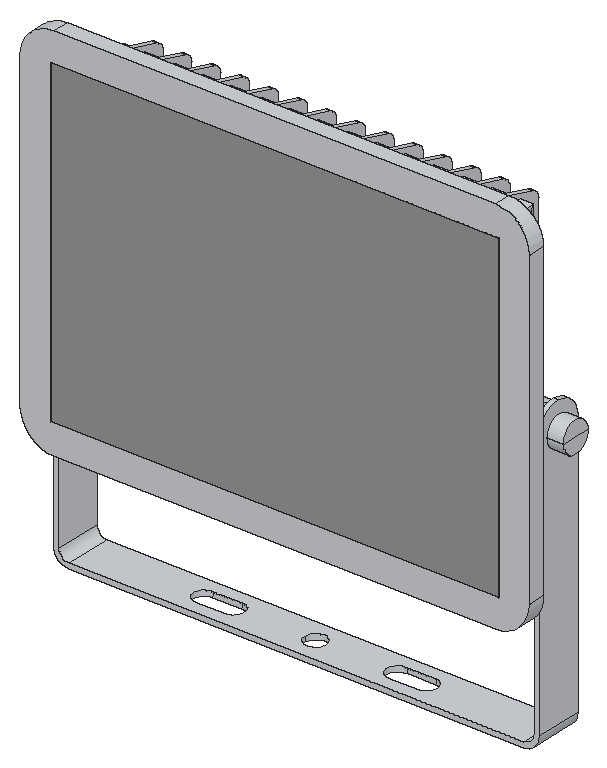
Revit family "0050115", category Lighting Fixtures, Revit 2017
Family settings
  Round Connector Dimension = Use Diameter
  Part Type = Normal
  OmniClass Number = 23.80.70.00
  OmniClass Title = Lighting
  Work Plane-Based = No
  Always vertical = Yes
  Cut with Voids When Loaded = No
  Light Source = Yes
  Shared = No
  Room Calculation Point = No
Parameters (values of type "0050115 ST FLD FLT IP65 2850LM 830 WH")
  Weight = "3.06 kg"
  Wattage = 27 W
  WarrantyStartDate [instance] = "n/a"
  WarrantyGuarantorParts = "n/a"
  WarrantyDurationUnit = "n/a"
  WarrantyDurationParts = "n/a"
  WarrantyDescription = "n/a"
  built-in parameter 1150110 = 1 (stored number, unit not read)
  Voltage = 0 V
  URL = "http://www.sylvania-lighting.com"
  TypeName = "Start Flood Flat IP65 2850LM 830 White"
  built-in parameter 1114217 = 1 (stored number, unit not read)
  Tilt Angle = 0.00°
  built-in parameter 1150109 = 1 (stored number, unit not read)
  built-in parameter 1150134 = (empty or 0)
  built-in parameter 1150113 = 1 (stored number, unit not read)
  SerialNumber [instance] = "n/a"
  PowerFactor = 0.9
  PowerConsumption = "27 W"
  Photometric Web File = "0050115.ies"
  NominalWidth = 0 mm
  NominalLength = 133 mm
  NominalHeight = 28 mm
  Name = "Start Flood Flat IP65 2850LM 830 White"
  ModelReference = "Start Flood Flat IP65 2850LM 830 White"
  ModelNumber = "0050115"
  Model = "Start Flood Flat IP65 2850LM 830 White"
  Material_4_FEILO = none
  Material_3_FEILO = none
  Material_2_FEILO = Default New Material
  Material_1_FEILO = none
  Material = "n/a"
  ManufacturerName = "Feilo Sylvania"
  Manufacturer = "Feilo Sylvania"
  LuminousEfficacy = "106 lm/W"
  Lumens = 2862 lm
  LuminaireType = ""
  built-in parameter 1150115 = 1 (stored number, unit not read)
  built-in parameter 1150105 = -3030228.4 (stored number, unit not read)
  LightOutputRatio = "n/a"
  built-in parameter 1150137 = (empty or 0)
  built-in parameter 1150139 = (empty or 0)
  LampsType = "LED"
  LampNominalLuminous = "2850 lm"
  LampMacAdamStep = "5"
  LampColourTemperature = "3000 K"
  LampColourRenderingIndex = "80"
  built-in parameter 1150112 = 1 (stored number, unit not read)
  built-in parameter 1150114 = 1 (stored number, unit not read)
  Lamp = "LED"
  LUM_WIDTH_SYL = 75 mm  # constant formula
  LUM_HEIGHT_SYL = 56 mm  # constant formula
  LUM_EXTR_ST_SYL = -5 mm
  LUM_EXTR_END_SYL = 0 mm
  LUM_DEPTH_SYL = 28 mm
  Keynote = "16500"
  InstallationDate [instance] = "n/a"
  InputVoltage = "n/a"
  InputNominalFrequency = "n/a"
  built-in parameter 1150132 = 2
  built-in parameter 1150102 = (empty or 0)
  built-in parameter 1150138 = (empty or 0)
  built-in parameter 1150107 = 3000 (stored number, unit not read)
  IngressProtection = "IP65"
  ImpactProtectionIndex = "IK06"
  built-in parameter 1150106 = -30302.3 (stored number, unit not read)
  IfcExportType = "IfcLightFixtureType"
  IfcExportAs = "IfcLightFixtureType"
  ElectricShockClassification = "Class I"
  built-in parameter 1150104 = 9.8477 (stored number, unit not read)
  DocumentationLiterature = "http://www.sylvania-lighting.com/product/en-int/products/0050115"
  DimmingControlOptions = "n/a"
  Dimming Lamp Color Temperature Shift = <None>
  DIF_WIDTH_SYL = 66 mm  # constant formula
  DIF_HEIGHT_SYL = 47.5 mm  # constant formula
  CreatedOn = "12/2/2020"
  CreatedBy = "@sylvania-lighting.com"
  Color Filter = 16777215
  ClassificationValue = "EF_70_80"
  ClassificationName = "Uniclass2015"
  CABLE_SIDE_DIST_SYL = 44 mm
  CABLE_LENGTH_SYL = 5 mm
  CABLE_FRONT_DIST_SYL = 17.5 mm
  CABLES_DIST_SYL = 56 mm
  BarCode [instance] = "n/a"
  built-in parameter 1114218 = 1 (stored number, unit not read)
  B_RAIL_R_DIST_SYL = 7 mm
  B_RAIL_HEIGHT_SYL = 27 mm
  B_RAIL_DEPTH_SYL = 44 mm
  B_RAIL_CHAMFER_SYL = 7 mm
  BRACKET_HOLDER_WIDTH_SYL = 12 mm
  BRACKET_HOLDER_HEIGHT_SYL = 17 mm
  BRACKET_HOLDER_DIST_SIDE_SYL = 2.8 mm
  BRACKET_HOLDER_DIST_BOTT_SYL = 42 mm
  BRACKET_HOLDER_DEPTH_SYL = 5.7 mm
  BOX_WIDTH_SYL = 60.5 mm
  BOX_TOP_DIST_SYL = 10.5 mm
  BOX_DEPTH_SYL = 14 mm
  BOX_BOTT_DIST_SYL = 28 mm
  BACK_RAIL_WIDTH_SYL = 1.4 mm
  BACK_RAIL_SIDE_DIST_SYL = 19 mm
  BACK_PL_EXTR_ST_SYL = -6 mm
  BACK_PL_EXTR_ST(-1)_SYL = BACK_PL_EXTR_ST_SYL * (-1)  # 6 mm
  BACK_PL_EXTR_END_SYL = -3 mm
  BACK_PL_EXTR_END(-1)_SYL = BACK_PL_EXTR_END_SYL * (-1)  # 3 mm
  built-in parameter 1150133 = 10 (stored number, unit not read)
  AssetType = "Fixed"
  AssetIdentifier [instance] = "n/a"
  Assembly Code = "D5020200"
  Apparent Load = 27 VA
  0_18W_SYL = yes
Types (5, lengths in mm): name | TypeName | built-in parameter 1150134 | Photometric Web File | Name | ModelReference | ModelNumber | Model | LuminousEfficacy | Lumens | built-in parameter 1150105 | LampNominalLuminous | LampColourTemperature | built-in parameter 1150107 | built-in parameter 1150106 | built-in parameter 1150104 | DocumentationLiterature
  0050153 ST FLD FLT IP65 3000LM 865 BK | "Start Flood Flat IP65 3000LM 865 Black" | 1 | "0050153.ies" | "Start Flood Flat IP65 3000LM 865 Black" | "Start Flood Flat IP65 3000LM 865 Black" | "0050153" | "Start Flood Flat IP65 3000LM 865 Black" | "111 lm/W" | 2997 lm | -3340156.5 (stored number, unit not read) | "3000 lm" | "6500 K" | 6500 (stored number, unit not read) | -33401.6 (stored number, unit not read) | 10.312 (stored number, unit not read) | "http://www.sylvania-lighting.com/product/en-int/products/0050153"
  0050116 ST FLD FLT IP65 3000LM 840 WH | "Start Flood Flat IP65 3000LM 840 White" | 12 | "0050116.ies" | "Start Flood Flat IP65 3000LM 840 White" | "Start Flood Flat IP65 3000LM 840 White" | "0050116" | "Start Flood Flat IP65 3000LM 840 White" | "111 lm/W" | 2997 lm | -3340156.5 (stored number, unit not read) | "3000 lm" | "4000 K" | 4000 (stored number, unit not read) | -33401.6 (stored number, unit not read) | 10.312 (stored number, unit not read) | "http://www.sylvania-lighting.com/product/en-int/products/0050116"
  0050115 ST FLD FLT IP65 2850LM 830 WH | "Start Flood Flat IP65 2850LM 830 White" | (empty or 0) | "0050115.ies" | "Start Flood Flat IP65 2850LM 830 White" | "Start Flood Flat IP65 2850LM 830 White" | "0050115" | "Start Flood Flat IP65 2850LM 830 White" | "106 lm/W" | 2862 lm | -3030228.4 (stored number, unit not read) | "2850 lm" | "3000 K" | 3000 (stored number, unit not read) | -30302.3 (stored number, unit not read) | 9.8477 (stored number, unit not read) | "http://www.sylvania-lighting.com/product/en-int/products/0050115"
  0050114 ST FLD FLT IP65 3000LM 840 BK | "Start Flood Flat IP65 3000LM 840 Black" | 12 | "0050114.ies" | "Start Flood Flat IP65 3000LM 840 Black" | "Start Flood Flat IP65 3000LM 840 Black" | "0050114" | "Start Flood Flat IP65 3000LM 840 Black" | "111 lm/W" | 2997 lm | -3340156.5 (stored number, unit not read) | "3000 lm" | "4000 K" | 4000 (stored number, unit not read) | -33401.6 (stored number, unit not read) | 10.312 (stored number, unit not read) | "http://www.sylvania-lighting.com/product/en-int/products/0050114"
  0050113 ST FLD FLT IP65 2850LM 830 BK | "Start Flood Flat IP65 2850LM 830 Black" | (empty or 0) | "0050113.ies" | "Start Flood Flat IP65 2850LM 830 Black" | "Start Flood Flat IP65 2850LM 830 Black" | "0050113" | "Start Flood Flat IP65 2850LM 830 Black" | "106 lm/W" | 2862 lm | -3030228.4 (stored number, unit not read) | "2850 lm" | "3000 K" | 3000 (stored number, unit not read) | -30302.3 (stored number, unit not read) | 9.8477 (stored number, unit not read) | "http://www.sylvania-lighting.com/product/en-int/products/0050113"
Reference planes
  plane 1 "Light Source Axis (F/B)": y = 0
  plane 2: z = 0
  plane 3 "Light Source Axis (L/R)": x = 0
  plane 4 "Light Source Elevation": z = -0.469
  plane 5: x = 75
  plane 6: x = -75
  plane 7: z = 56
  plane 8: z = -56
  plane 9: x = 66
  plane 10: x = -66
  plane 11: z = 47.5
  plane 12: z = -47.5
  plane 13: y = 6
  plane 14: y = 3
  plane 15: x = -60.5
  plane 16: x = 60.5
  plane 17: y = 20
  plane 18: z = 45.5
  plane 19: z = -28
  plane 20: y = 28
  plane 21: z = -14
  plane 22: z = -2
  plane 23: y = 21
  plane 24: x = 54.2
  plane 25: x = 39.5
  plane 26: x = 31
  plane 27: x = -25
  plane 28: y = 14
  plane 29: z = -38
  plane 30: y = 27
  plane 31: z = 16
  plane 32: z = 9
  plane 33: x = 56
  plane 34: x = 54.6
  plane 35: x = 47.6
  plane 36: x = 20.8
  plane 37: x = 13.8
  plane 38: x = 12.4
  plane 39: x = 5.4
  plane 40: x = 4
  plane 41: z = -50.4
  plane 42: x = 64
  plane 43: x = 70
  plane 44: z = -59.1
Forms (mm)
  Extrusion 1, solid
    sketch origin (0, 0, 0) x (1, 0, 0) y (0, 0, 1)
      loop
        arc (-65, 56) -> (-72.071, 53.071) -> (-75, 46) r 10
        line (-75, 46) -> (-75, -46)
        arc (-75, -46) -> (-72.071, -53.071) -> (-65, -56) r 10
        line (-65, -56) -> (65, -56)
        arc (65, -56) -> (72.071, -53.071) -> (75, -46) r 10
        line (75, -46) -> (75, 46)
        arc (75, 46) -> (72.071, 53.071) -> (65, 56) r 10
        line (65, 56) -> (-65, 56)
      loop
        line (-66, 47.5) -> (-66, -47.5) -> (66, -47.5) -> (66, 47.5) -> (-66, 47.5)
    from -5 <- "LUM_EXTR_ST_SYL" to 0 <- "LUM_EXTR_END_SYL"
  Extrusion 2, solid, material "Default New Material" <- "Material_2_FEILO"
    sketch origin (0, 0, 0) x (1, 0, 0) y (0, 0, 1)
      loop
        line (-66, 47.5) -> (-66, -47.5) -> (66, -47.5) -> (66, 47.5) -> (-66, 47.5)
    from -3 <- "BACK_PL_EXTR_END_SYL" to 0 <- "LUM_EXTR_END_SYL"
  Extrusion 3, solid
    sketch origin (0, 0, 0) x (1, 0, 0) y (0, 0, 1)
      loop
        line (66, 47.5) -> (-66, 47.5) -> (-66, -47.5) -> (66, -47.5) -> (66, 47.5)
    from -6 <- "BACK_PL_EXTR_ST_SYL" to -3 <- "BACK_PL_EXTR_END_SYL"
  Extrusion 4, solid
    sketch origin (0, 0, 0) x (1, 0, 0) y (0, 1, 0)
      loop
        arc (-59.5, 20) -> (-60.207, 19.707) -> (-60.5, 19) r 1
        line (-60.5, 19) -> (-60.5, 6) -> (60.5, 6) -> (60.5, 19)
        arc (60.5, 19) -> (60.207, 19.707) -> (59.5, 20) r 1
        line (59.5, 20) -> (-59.5, 20)
    from -28 to 45.5
  Extrusion 5, solid
    sketch origin (0, 0, 0) x (1, 0, 0) y (0, 1, 0)
      loop
        arc (-52.5, 28) -> (-58.157, 25.657) -> (-60.5, 20) r 8
        line (-60.5, 20) -> (-60.5, 6) -> (60.5, 6) -> (60.5, 20)
        arc (60.5, 20) -> (58.157, 25.657) -> (52.5, 28) r 8
        line (52.5, 28) -> (-52.5, 28)
    from -47.5 to -28
  Extrusion 6, solid
    sketch origin (0, 0, 0) x (0, 1, 0) y (0, 0, 1)
      loop
        line (5, -2) -> (5, -14) -> (15, -14)
        arc (15, -14) -> (19.243, -12.243) -> (21, -8) r 6
        arc (21, -8) -> (19.243, -3.757) -> (15, -2) r 6
        line (15, -2) -> (5, -2)
      loop
        circle (15, -8) r 2.5
    from 64 to 70
  Extrusion 7, solid
    sketch origin (0, 0, 0) x (1, 0, 0) y (0, 1, 0)
      loop
        circle (-25, 14) r 7
      loop
        circle (31, 14) r 9
    from -59.1 to -47.5
  Extrusion 8, solid
    sketch origin (-75.017, 5.639, -10.469) x (0, 1, 0) y (0, 0, -1)
      loop
        line (-0.625, 17.969) -> (-0.625, -34.188) -> (-0.625, -61.668) -> (19.238, -55.969)
        arc (19.238, -55.969) -> (20.908, -54.706) -> (21.299, -52.649) r 2.911
        line (21.299, -52.649) -> (21.299, 17.969) -> (-0.625, 17.969)
    from -131.017 to -129.617
  Extrusion 9, solid
    sketch origin (0, 0, 0) x (0, 1, 0) y (0, 0, -1)
      loop
        line (5, 2) -> (15, 2)
        arc (15, 2) -> (19.243, 3.757) -> (21, 8) r 6
        arc (21, 8) -> (19.243, 12.243) -> (15, 14) r 6
        line (15, 14) -> (5, 14) -> (5, 2)
      loop
        circle (15, 8) r 2.5
    from 64 to 70
  Extrusion 10, solid
    sketch origin (75.017, 5.639, -10.469) x (0, 1, 0) y (0, 0, 1)
      loop
        line (-0.625, -17.969) -> (21.299, -17.969) -> (21.299, 52.649)
        arc (21.299, 52.649) -> (20.908, 54.706) -> (19.238, 55.969) r 2.911
        line (19.238, 55.969) -> (-0.625, 61.668) -> (-0.625, 34.188) -> (-0.625, -17.969)
    from -131.017 to -129.617
  Extrusion 11, solid
    sketch origin (-185.617, 5.639, -10.469) x (0, 1, 0) y (0, 0, -1)
      loop
        line (-0.625, 17.969) -> (-0.625, -34.188) -> (-0.625, -61.668) -> (19.238, -55.969)
        arc (19.238, -55.969) -> (20.908, -54.706) -> (21.299, -52.649) r 2.911
        line (21.299, -52.649) -> (21.299, 17.969) -> (-0.625, 17.969)
    from -131.017 to -129.617
  Extrusion 12, solid
    sketch origin (-83.524, 5.639, -10.469) x (0, 1, 0) y (0, 0, -1)
      loop
        line (-0.625, 17.969) -> (-0.625, -34.188) -> (-0.625, -61.668) -> (19.238, -55.969)
        arc (19.238, -55.969) -> (20.908, -54.706) -> (21.299, -52.649) r 2.911
        line (21.299, -52.649) -> (21.299, 17.969) -> (-0.625, 17.969)
    from -131.017 to -129.617
  Extrusion 13, solid
    sketch origin (-92.032, 5.639, -10.469) x (0, 1, 0) y (0, 0, -1)
      loop
        line (-0.625, 17.969) -> (-0.625, -34.188) -> (-0.625, -61.668) -> (19.238, -55.969)
        arc (19.238, -55.969) -> (20.908, -54.706) -> (21.299, -52.649) r 2.911
        line (21.299, -52.649) -> (21.299, 17.969) -> (-0.625, 17.969)
    from -131.017 to -129.617
  Extrusion 14, solid
    sketch origin (-100.54, 5.639, -10.469) x (0, 1, 0) y (0, 0, -1)
      loop
        line (-0.625, 17.969) -> (-0.625, -34.188) -> (-0.625, -61.668) -> (19.238, -55.969)
        arc (19.238, -55.969) -> (20.908, -54.706) -> (21.299, -52.649) r 2.911
        line (21.299, -52.649) -> (21.299, 17.969) -> (-0.625, 17.969)
    from -131.017 to -129.617
  Extrusion 15, solid
    sketch origin (-109.047, 5.639, -10.469) x (0, 1, 0) y (0, 0, -1)
      loop
        line (-0.625, 17.969) -> (-0.625, -34.188) -> (-0.625, -61.668) -> (19.238, -55.969)
        arc (19.238, -55.969) -> (20.908, -54.706) -> (21.299, -52.649) r 2.911
        line (21.299, -52.649) -> (21.299, 17.969) -> (-0.625, 17.969)
    from -131.017 to -129.617
  Extrusion 16, solid
    sketch origin (-117.555, 5.639, -10.469) x (0, 1, 0) y (0, 0, -1)
      loop
        line (-0.625, 17.969) -> (-0.625, -34.188) -> (-0.625, -61.668) -> (19.238, -55.969)
        arc (19.238, -55.969) -> (20.908, -54.706) -> (21.299, -52.649) r 2.911
        line (21.299, -52.649) -> (21.299, 17.969) -> (-0.625, 17.969)
    from -131.017 to -129.617
  Extrusion 17, solid
    sketch origin (-126.063, 5.639, -10.469) x (0, 1, 0) y (0, 0, -1)
      loop
        line (-0.625, 17.969) -> (-0.625, -34.188) -> (-0.625, -61.668) -> (19.238, -55.969)
        arc (19.238, -55.969) -> (20.908, -54.706) -> (21.299, -52.649) r 2.911
        line (21.299, -52.649) -> (21.299, 17.969) -> (-0.625, 17.969)
    from -131.017 to -129.617
  Extrusion 18, solid
    sketch origin (-134.571, 5.639, -10.469) x (0, 1, 0) y (0, 0, -1)
      loop
        line (-0.625, 17.969) -> (-0.625, -34.188) -> (-0.625, -61.668) -> (19.238, -55.969)
        arc (19.238, -55.969) -> (20.908, -54.706) -> (21.299, -52.649) r 2.911
        line (21.299, -52.649) -> (21.299, 17.969) -> (-0.625, 17.969)
    from -131.017 to -129.617
  Extrusion 19, solid
    sketch origin (-143.078, 5.639, -10.469) x (0, 1, 0) y (0, 0, -1)
      loop
        line (-0.625, 17.969) -> (-0.625, -34.188) -> (-0.625, -61.668) -> (19.238, -55.969)
        arc (19.238, -55.969) -> (20.908, -54.706) -> (21.299, -52.649) r 2.911
        line (21.299, -52.649) -> (21.299, 17.969) -> (-0.625, 17.969)
    from -131.017 to -129.617
  Extrusion 20, solid
    sketch origin (-151.586, 5.639, -10.469) x (0, 1, 0) y (0, 0, -1)
      loop
        line (-0.625, 17.969) -> (-0.625, -34.188) -> (-0.625, -61.668) -> (19.238, -55.969)
        arc (19.238, -55.969) -> (20.908, -54.706) -> (21.299, -52.649) r 2.911
        line (21.299, -52.649) -> (21.299, 17.969) -> (-0.625, 17.969)
    from -131.017 to -129.617
  Extrusion 21, solid
    sketch origin (-160.094, 5.639, -10.469) x (0, 1, 0) y (0, 0, -1)
      loop
        line (-0.625, 17.969) -> (-0.625, -34.188) -> (-0.625, -61.668) -> (19.238, -55.969)
        arc (19.238, -55.969) -> (20.908, -54.706) -> (21.299, -52.649) r 2.911
        line (21.299, -52.649) -> (21.299, 17.969) -> (-0.625, 17.969)
    from -131.017 to -129.617
  Extrusion 22, solid
    sketch origin (-168.601, 5.639, -10.469) x (0, 1, 0) y (0, 0, -1)
      loop
        line (-0.625, 17.969) -> (-0.625, -34.188) -> (-0.625, -61.668) -> (19.238, -55.969)
        arc (19.238, -55.969) -> (20.908, -54.706) -> (21.299, -52.649) r 2.911
        line (21.299, -52.649) -> (21.299, 17.969) -> (-0.625, 17.969)
    from -131.017 to -129.617
  Extrusion 23, solid
    sketch origin (-177.109, 5.639, -10.469) x (0, 1, 0) y (0, 0, -1)
      loop
        line (-0.625, 17.969) -> (-0.625, -34.188) -> (-0.625, -61.668) -> (19.238, -55.969)
        arc (19.238, -55.969) -> (20.908, -54.706) -> (21.299, -52.649) r 2.911
        line (21.299, -52.649) -> (21.299, 17.969) -> (-0.625, 17.969)
    from -131.017 to -129.617
Cuts and joins
  joined: Extrusion 1, Extrusion 3, Extrusion 4, Extrusion 5
Dimensions and locks
  "LUM_WIDTH_SYL": plane 5 to plane 3 "Light Source Axis (L/R)" to plane 6
  "LUM_HEIGHT_SYL": plane 7 to plane 2 to plane 8
  "DIF_WIDTH_SYL": plane 9 to plane 3 "Light Source Axis (L/R)" to plane 10
  "DIF_HEIGHT_SYL": plane 11 to plane 2 to plane 12
  "BACK_PL_EXTR_ST(-1)_SYL": plane 1 "Light Source Axis (F/B)" to plane 13
  "BACK_PL_EXTR_END(-1)_SYL": plane 1 "Light Source Axis (F/B)" to plane 14
  "BOX_WIDTH_SYL": plane 15 to plane 3 "Light Source Axis (L/R)" to plane 16
  "BOX_DEPTH_SYL": plane 13 to plane 17
  "BOX_TOP_DIST_SYL": plane 18 to plane 7
  "BOX_BOTT_DIST_SYL": plane 8 to plane 19
  "LUM_DEPTH_SYL": plane 1 "Light Source Axis (F/B)" to plane 20
  "BRACKET_HOLDER_DIST_BOTT_SYL": plane 21 to plane 8
  "BRACKET_HOLDER_WIDTH_SYL": plane 22 to plane 21
  cut or joined group of Extrusion 1, Extrusion 3, Extrusion 4, Extrusion 5 to plane 23 = 15 mm
  cut or joined group of Extrusion 1, Extrusion 3, Extrusion 4, Extrusion 5 to plane 24 = 20.8 mm
  plane 25 to plane 24 = 14.7 mm
  "CABLES_DIST_SYL": plane 27 to plane 26
  "CABLE_SIDE_DIST_SYL": plane 26 to plane 5
  cut or joined group of Extrusion 1, Extrusion 3, Extrusion 4, Extrusion 5 to plane 28 = 14 mm
  cut or joined group of Extrusion 1, Extrusion 3, Extrusion 4, Extrusion 5 to plane 29 = 18 mm
  "B_RAIL_HEIGHT_SYL": plane 30 to plane 1 "Light Source Axis (F/B)"
  "B_RAIL_DEPTH_SYL": plane 31 to plane 19
  "B_RAIL_CHAMFER_SYL": plane 31 to plane 32
  "BACK_RAIL_SIDE_DIST_SYL": plane 5 to plane 33
  "BACK_RAIL_WIDTH_SYL": plane 33 to plane 34
  "B_RAIL_R_DIST_SYL": plane 34 to plane 35
  "B_RAIL_R_DIST_SYL": plane 36 to plane 37
  "BACK_RAIL_WIDTH_SYL": plane 37 to plane 38
  "BACK_RAIL_WIDTH_SYL": plane 39 to plane 40
  "B_RAIL_R_DIST_SYL": plane 38 to plane 39
  plane 35 to plane 26 = 16.6 mm
  equal spacing: group 2, group 14, group 13, group 12, group 11, group 10, group 9, group 8, group 7, group 6, group 5, group 4, group 3, group 1
  equal spacing: group 1, group 3, group 4, group 5, group 6, group 7, group 8, group 9, group 10, group 11, group 12, group 13, group 14, group 2  (x2)
  aligned and locked: plane 4 "Light Source Elevation" to imposter light
  aligned and locked: level to plane 2
  aligned and locked: Extrusion 1 sketch curve to plane 7
  aligned and locked: plane 6 to Extrusion 1 sketch curve
  aligned and locked: plane 8 to Extrusion 1 sketch curve
  aligned and locked: Extrusion 1 sketch curve to plane 5
  aligned and locked: Extrusion 1 sketch curve to plane 11
  aligned and locked: plane 10 to Extrusion 1 sketch curve
  aligned and locked: plane 12 to Extrusion 1 sketch curve
  aligned and locked: Extrusion 1 sketch curve to plane 9
  aligned and locked: Extrusion 2 sketch curve to Extrusion 1  (x4)
  aligned and locked: Extrusion 3 sketch curve to Extrusion 1  (x4)
  aligned and locked: Extrusion 3 to Extrusion 2
  aligned and locked: plane 17 to Extrusion 4 sketch curve
  aligned and locked: plane 15 to Extrusion 4 sketch curve
  aligned and locked: Extrusion 4 sketch curve to plane 13
  aligned and locked: Extrusion 4 sketch curve to plane 16
  aligned and locked: plane 18 to Extrusion 4
  aligned and locked: Extrusion 4 to plane 19
  aligned and locked: plane 20 to Extrusion 5 sketch curve
  aligned and locked: plane 15 to Extrusion 5 sketch curve
  aligned and locked: cut or joined group of Extrusion 1, Extrusion 3, Extrusion 4, Extrusion 5 to Extrusion 5 sketch curve
  aligned and locked: Extrusion 5 sketch curve to cut or joined group of Extrusion 1, Extrusion 3, Extrusion 4, Extrusion 5
  aligned and locked: plane 19 to Extrusion 5
  aligned and locked: Extrusion 5 to plane 12
  aligned and locked: Extrusion 6 sketch curve to plane 22
  aligned and locked: plane 21 to Extrusion 6 sketch curve
  aligned and locked: Extrusion 7 to Extrusion 2
  aligned and locked: Extrusion 6 to cut or joined group of Extrusion 1, Extrusion 3, Extrusion 4, Extrusion 5
  aligned and locked: plane 42 to Extrusion 6
  aligned and locked: Extrusion 6 to plane 43
  aligned and locked: Extrusion 7 to plane 44
  aligned and locked: plane 33 to Extrusion 8
  aligned and locked: Extrusion 8 to plane 34
Automatic sketch dimensions
  plane 18 to Extrusion 1 sketch curve = 0.5 mm  (x2)
  plane 10 to Extrusion 1 sketch curve = 1 mm
  Extrusion 1 sketch curve to plane 9 = 1 mm
  plane 15 to Extrusion 4 sketch curve = 1 mm
  Extrusion 4 sketch curve to plane 16 = 1 mm
  Extrusion 5 sketch curve to plane 15 = 0 mm
  plane 28 to Extrusion 5 sketch curve = 6 mm  (x2)
  Extrusion 6 sketch curve to Extrusion 6 sketch curve = 0 mm  (x5)
  Extrusion 6 sketch curve to plane 23 = 0 mm
  plane 13 to Extrusion 6 sketch curve = 1 mm
  Extrusion 7 sketch curve to plane 27 = 0 mm
  Extrusion 7 sketch curve to plane 26 = 0 mm
  Extrusion 7 sketch curve to plane 28 = 0 mm  (x2)
  Extrusion 9 sketch curve to Extrusion 9 sketch curve = 0 mm  (x6)
  Extrusion 9 sketch curve to plane 21 = 0 mm
  Extrusion 9 sketch curve to plane 22 = 0 mm
  Extrusion 9 sketch curve to plane 23 = 0 mm
  plane 13 to Extrusion 9 sketch curve = 1 mm
  Extrusion 10 sketch curve to plane 18 = 0 mm
  Extrusion 10 sketch curve to plane 19 = 0.438 mm
  plane 13 to Extrusion 10 sketch curve = 0.986 mm
  plane 30 to Extrusion 10 sketch curve = 2.927 mm
  plane 30 to Extrusion 10 sketch curve = 2.124 mm
  plane 30 to Extrusion 10 sketch curve = 0.062 mm
  plane 31 to Extrusion 10 sketch curve = 7.719 mm
  Extrusion 10 sketch curve to plane 18 = 3.32 mm
  Extrusion 8 sketch curve to Extrusion 8 sketch curve = 19.06 mm
  Extrusion 8 sketch curve to Extrusion 8 sketch curve = 0.803 mm
  Extrusion 8 sketch curve to Extrusion 8 sketch curve = 21.924 mm
  Extrusion 8 sketch curve to Extrusion 8 sketch curve = 5.699 mm
  Extrusion 8 sketch curve to Extrusion 8 sketch curve = 18.983 mm
  Extrusion 8 sketch curve to Extrusion 8 sketch curve = 52.156 mm
  Extrusion 11 sketch curve to Extrusion 11 sketch curve = 19.06 mm
  Extrusion 11 sketch curve to Extrusion 11 sketch curve = 0.803 mm
  Extrusion 11 sketch curve to Extrusion 11 sketch curve = 21.924 mm
  Extrusion 11 sketch curve to Extrusion 11 sketch curve = 5.699 mm
  Extrusion 11 sketch curve to Extrusion 11 sketch curve = 18.983 mm
  Extrusion 11 sketch curve to Extrusion 11 sketch curve = 52.156 mm
  Extrusion 12 sketch curve to Extrusion 12 sketch curve = 19.06 mm
  Extrusion 12 sketch curve to Extrusion 12 sketch curve = 0.803 mm
  Extrusion 12 sketch curve to Extrusion 12 sketch curve = 21.924 mm
  Extrusion 12 sketch curve to Extrusion 12 sketch curve = 5.699 mm
  Extrusion 12 sketch curve to Extrusion 12 sketch curve = 18.983 mm
  Extrusion 12 sketch curve to Extrusion 12 sketch curve = 52.156 mm
  Extrusion 13 sketch curve to Extrusion 13 sketch curve = 19.06 mm
  Extrusion 13 sketch curve to Extrusion 13 sketch curve = 0.803 mm
  Extrusion 13 sketch curve to Extrusion 13 sketch curve = 21.924 mm
  Extrusion 13 sketch curve to Extrusion 13 sketch curve = 5.699 mm
  Extrusion 13 sketch curve to Extrusion 13 sketch curve = 18.983 mm
  Extrusion 13 sketch curve to Extrusion 13 sketch curve = 52.156 mm
  Extrusion 14 sketch curve to Extrusion 14 sketch curve = 19.06 mm
  Extrusion 14 sketch curve to Extrusion 14 sketch curve = 0.803 mm
  Extrusion 14 sketch curve to Extrusion 14 sketch curve = 21.924 mm
  Extrusion 14 sketch curve to Extrusion 14 sketch curve = 5.699 mm
  Extrusion 14 sketch curve to Extrusion 14 sketch curve = 18.983 mm
  Extrusion 14 sketch curve to Extrusion 14 sketch curve = 52.156 mm
  Extrusion 15 sketch curve to Extrusion 15 sketch curve = 19.06 mm
  Extrusion 15 sketch curve to Extrusion 15 sketch curve = 0.803 mm
  Extrusion 15 sketch curve to Extrusion 15 sketch curve = 21.924 mm
  Extrusion 15 sketch curve to Extrusion 15 sketch curve = 5.699 mm
  Extrusion 15 sketch curve to Extrusion 15 sketch curve = 18.983 mm
  Extrusion 15 sketch curve to Extrusion 15 sketch curve = 52.156 mm
  Extrusion 16 sketch curve to Extrusion 16 sketch curve = 19.06 mm
  Extrusion 16 sketch curve to Extrusion 16 sketch curve = 0.803 mm
  Extrusion 16 sketch curve to Extrusion 16 sketch curve = 21.924 mm
  Extrusion 16 sketch curve to Extrusion 16 sketch curve = 5.699 mm
  Extrusion 16 sketch curve to Extrusion 16 sketch curve = 18.983 mm
  Extrusion 16 sketch curve to Extrusion 16 sketch curve = 52.156 mm
  Extrusion 17 sketch curve to Extrusion 17 sketch curve = 19.06 mm
  Extrusion 17 sketch curve to Extrusion 17 sketch curve = 0.803 mm
  Extrusion 17 sketch curve to Extrusion 17 sketch curve = 21.924 mm
  Extrusion 17 sketch curve to Extrusion 17 sketch curve = 5.699 mm
  Extrusion 17 sketch curve to Extrusion 17 sketch curve = 18.983 mm
  Extrusion 17 sketch curve to Extrusion 17 sketch curve = 52.156 mm
  Extrusion 18 sketch curve to Extrusion 18 sketch curve = 19.06 mm
  Extrusion 18 sketch curve to Extrusion 18 sketch curve = 0.803 mm
  Extrusion 18 sketch curve to Extrusion 18 sketch curve = 21.924 mm
  Extrusion 18 sketch curve to Extrusion 18 sketch curve = 5.699 mm
  Extrusion 18 sketch curve to Extrusion 18 sketch curve = 18.983 mm
  Extrusion 18 sketch curve to Extrusion 18 sketch curve = 52.156 mm
  Extrusion 19 sketch curve to Extrusion 19 sketch curve = 19.06 mm
  Extrusion 19 sketch curve to Extrusion 19 sketch curve = 0.803 mm
  Extrusion 19 sketch curve to Extrusion 19 sketch curve = 21.924 mm
  Extrusion 19 sketch curve to Extrusion 19 sketch curve = 5.699 mm
  Extrusion 19 sketch curve to Extrusion 19 sketch curve = 18.983 mm
  Extrusion 19 sketch curve to Extrusion 19 sketch curve = 52.156 mm
  Extrusion 20 sketch curve to Extrusion 20 sketch curve = 19.06 mm
  Extrusion 20 sketch curve to Extrusion 20 sketch curve = 0.803 mm
  Extrusion 20 sketch curve to Extrusion 20 sketch curve = 21.924 mm
  Extrusion 20 sketch curve to Extrusion 20 sketch curve = 5.699 mm
  Extrusion 20 sketch curve to Extrusion 20 sketch curve = 18.983 mm
  Extrusion 20 sketch curve to Extrusion 20 sketch curve = 52.156 mm
  Extrusion 21 sketch curve to Extrusion 21 sketch curve = 19.06 mm
  Extrusion 21 sketch curve to Extrusion 21 sketch curve = 0.803 mm
  Extrusion 21 sketch curve to Extrusion 21 sketch curve = 21.924 mm
  Extrusion 21 sketch curve to Extrusion 21 sketch curve = 5.699 mm
  Extrusion 21 sketch curve to Extrusion 21 sketch curve = 18.983 mm
  Extrusion 21 sketch curve to Extrusion 21 sketch curve = 52.156 mm
  Extrusion 22 sketch curve to Extrusion 22 sketch curve = 19.06 mm
  Extrusion 22 sketch curve to Extrusion 22 sketch curve = 0.803 mm
  Extrusion 22 sketch curve to Extrusion 22 sketch curve = 21.924 mm
  Extrusion 22 sketch curve to Extrusion 22 sketch curve = 5.699 mm
  Extrusion 22 sketch curve to Extrusion 22 sketch curve = 18.983 mm
  Extrusion 22 sketch curve to Extrusion 22 sketch curve = 52.156 mm
  Extrusion 23 sketch curve to Extrusion 23 sketch curve = 19.06 mm
  Extrusion 23 sketch curve to Extrusion 23 sketch curve = 0.803 mm
  Extrusion 23 sketch curve to Extrusion 23 sketch curve = 21.924 mm
  Extrusion 23 sketch curve to Extrusion 23 sketch curve = 5.699 mm
  Extrusion 23 sketch curve to Extrusion 23 sketch curve = 18.983 mm
  Extrusion 23 sketch curve to Extrusion 23 sketch curve = 52.156 mm
  radius of Extrusion 6 sketch curve = 2.5 mm
  radius of Extrusion 7 sketch curve = 7 mm
  radius of Extrusion 7 sketch curve = 9 mm
  radius of Extrusion 9 sketch curve = 2.5 mm
Nested families
  nested 1: "START Flood Flat - 27W_bracket" at (0, 15.031, -52.52), type "START Flood Flat - 27W_bracket"
  nested 2: "bolt" at (-71.5, 15.031, -8.02) x (-1, 0, 0) z (0, 0, 1), type "bolt"
  nested 3: "bolt" at (71.5, 15.031, -7.969), type "bolt"
Definition of nested family "START Flood Flat - 27W_bracket"
  Parameters (values of type "START Flood Flat - 27W_bracket")
    WIDTH_SYL = 143 mm
    THICKNESS_SYL = 1.5 mm
    Material_4_SYL = none
    Material_3_SYL = none
    Material_2_SYL = none
    Material_1_SYL = none
    HOLE_DIST_SYL = 8.5 mm
    HOLE2_DIST_SYL = 8 mm
    HEIGHT_SYL = 90 mm
    HALF_SYL = WIDTH_SYL / 2  # 71.5 mm
    FILLET_SYL = 7 mm
    DEPTH_2_SYL = -7 mm
    DEPTH_1_SYL = 7 mm
    CUTOUT_DIST_SYL = 24.2 mm
  Reference planes
    plane 1 "Center (Front/Back)": y = 0
    plane 2: z = 0
    plane 3 "Center (Left/Right)": x = 0
    plane 4: x = -71.5
    plane 5: x = 71.5
    plane 6: z = -37.5
    plane 7: z = 52.5
    plane 8: x = -70
    plane 9: z = -36
    plane 10: x = 70
    plane 11: z = 44.5
    plane 12: z = 45.5
    plane 13: x = 24.2
    plane 14: x = -24.2
    plane 15: x = 32.7
    plane 16: x = -32.7
  Forms (mm)
    Extrusion 1, solid
      sketch origin (0, 0, 0) x (1, 0, 0) y (0, 0, 1)
        loop
          arc (-71.5, -33) -> (-70.182, -36.182) -> (-67, -37.5) r 4.5
          line (-67, -37.5) -> (67, -37.5)
          arc (67, -37.5) -> (70.182, -36.182) -> (71.5, -33) r 4.5
          line (71.5, -33) -> (71.5, 52.5) -> (70, 52.5) -> (70, -33)
          arc (70, -33) -> (69.121, -35.121) -> (67, -36) r 3
          line (67, -36) -> (-67, -36)
          arc (-67, -36) -> (-69.121, -35.121) -> (-70, -33) r 3
          line (-70, -33) -> (-70, 52.5) -> (-71.5, 52.5) -> (-71.5, -33)
      from -7 <- "DEPTH_2_SYL" to 7 <- "DEPTH_1_SYL"
    Extrusion 2, void
      sketch origin (0, 0, 0) x (0, 1, 0) y (0, 0, 1)
        loop
          circle (0, 44.5) r 3.15
      from -71.5 to 71.5
    Extrusion 3, void
      sketch origin (0, 0, 0) x (0, 1, 0) y (0, 0, 1)
        loop
          line (7, 45.5) -> (14.83, 58.08) -> (-15.17, 58.08) -> (-7, 45.5)
          arc (-7, 45.5) -> (-4.95, 50.45) -> (0, 52.5) r 7
          arc (0, 52.5) -> (4.95, 50.45) -> (7, 45.5) r 7
      from -71.5 to 71.5
    Extrusion 4, void
      sketch origin (0, 0, 0) x (1, 0, 0) y (0, 1, 0)
        loop
          circle (0, 0) r 3.25
        loop
          arc (-32.7, 3.25) -> (-35.95, 0) -> (-32.7, -3.25) r 3.25
          line (-32.7, -3.25) -> (-24.2, -3.25)
          arc (-24.2, -3.25) -> (-20.95, 0) -> (-24.2, 3.25) r 3.25
          line (-24.2, 3.25) -> (-32.7, 3.25)
        loop
          line (24.2, -3.25) -> (32.7, -3.25)
          arc (32.7, -3.25) -> (35.95, 0) -> (32.7, 3.25) r 3.25
          line (32.7, 3.25) -> (24.2, 3.25)
          arc (24.2, 3.25) -> (20.95, 0) -> (24.2, -3.25) r 3.25
      from -54.767 to -28.006
  Cuts and joins
    Extrusion 2, Extrusion 3, Extrusion 4 cuts Extrusion 1
  Dimensions and locks
    "THICKNESS_SYL": plane 8 to plane 4
    "THICKNESS_SYL": plane 5 to plane 10
    "WIDTH_SYL": plane 5 to plane 4
    "HEIGHT_SYL": plane 7 to plane 6
    "FILLET_SYL": plane 7 to plane 12
    "CUTOUT_DIST_SYL": plane 14 to plane 3 "Center (Left/Right)" to plane 13
    "HOLE_DIST_SYL": plane 16 to plane 14
    "HOLE_DIST_SYL": plane 13 to plane 15
    "HOLE2_DIST_SYL": plane 7 to plane 11
    "HALF_SYL": plane 4 to plane 3 "Center (Left/Right)"
    aligned and locked: level to plane 2
    aligned and locked: plane 4 to Extrusion 1 sketch curve
    aligned and locked: plane 6 to Extrusion 1 sketch curve
    aligned and locked: Extrusion 1 sketch curve to plane 5
    aligned and locked: plane 8 to Extrusion 1 sketch curve
    aligned and locked: plane 9 to Extrusion 1 sketch curve
    aligned and locked: Extrusion 1 sketch curve to plane 10
    aligned and locked: plane 7 to Extrusion 1 sketch curve  (x2)
    aligned and locked: Extrusion 1 to Extrusion 2  (x2)
    aligned and locked: Extrusion 1 to Extrusion 3
    aligned and locked: Extrusion 3 to Extrusion 1
  Automatic sketch dimensions
    Extrusion 1 sketch curve to Extrusion 1 sketch curve = 0 mm
    plane 8 to Extrusion 1 sketch curve = 3 mm
    Extrusion 1 sketch curve to plane 10 = 3 mm
    Extrusion 1 sketch curve to Extrusion 1 sketch curve = 3 mm
    Extrusion 2 sketch curve to plane 1 "Center (Front/Back)" = 0 mm
    Extrusion 2 sketch curve to plane 11 = 0 mm
    Extrusion 3 sketch curve to Extrusion 3 sketch curve = 0 mm
    Extrusion 3 sketch curve to plane 12 = 0 mm
    Extrusion 3 sketch curve to plane 1 "Center (Front/Back)" = 0 mm
    Extrusion 3 sketch curve to plane 7 = 0 mm
    Extrusion 3 sketch curve to Extrusion 3 sketch curve = 8.17 mm
    plane 7 to Extrusion 3 sketch curve = 5.58 mm
    Extrusion 3 sketch curve to Extrusion 3 sketch curve = 7.83 mm
    plane 1 "Center (Front/Back)" to Extrusion 4 sketch curve = 0 mm  (x3)
    Extrusion 4 sketch curve to plane 16 = 0 mm
    Extrusion 4 sketch curve to plane 14 = 0 mm
    Extrusion 4 sketch curve to plane 3 "Center (Left/Right)" = 0 mm
    Extrusion 4 sketch curve to plane 13 = 0 mm
    Extrusion 4 sketch curve to plane 15 = 0 mm
    plane 1 "Center (Front/Back)" to Extrusion 4 sketch curve = 3.25 mm  (x2)
    radius of Extrusion 2 sketch curve = 3.15 mm
    radius of Extrusion 4 sketch curve = 3.25 mm
Definition of nested family "bolt"
  Parameters (values of type "bolt")
    Material_4_SYL = none
    Material_3_SYL = none
    Material_2_SYL = none
    Material_1_SYL = none
  Reference planes
    plane 1 "Center (Front/Back)": y = 0
    plane 2: z = 0
    plane 3 "Center (Left/Right)": x = 0
    plane 4: x = 5
    plane 5: x = -10
    plane 6: y = 2.5
    plane 7: y = -2.5
    plane 8: y = 4.5
    plane 9: y = -4.5
  Forms (mm)
    Revolve 1, solid
      sketch origin (0, 0, 0) x (1, 0, 0) y (0, 1, 0)
        loop
          line (5, 0) -> (-10, 0) -> (-10, -2.5) -> (0, -2.5) -> (0, -4.5) -> (5, -4.5) -> (5, 0)
        axis (5, 0) -> (-10, 0)
      angle from 0 to 360
  Dimensions and locks
    aligned and locked: level to plane 2
